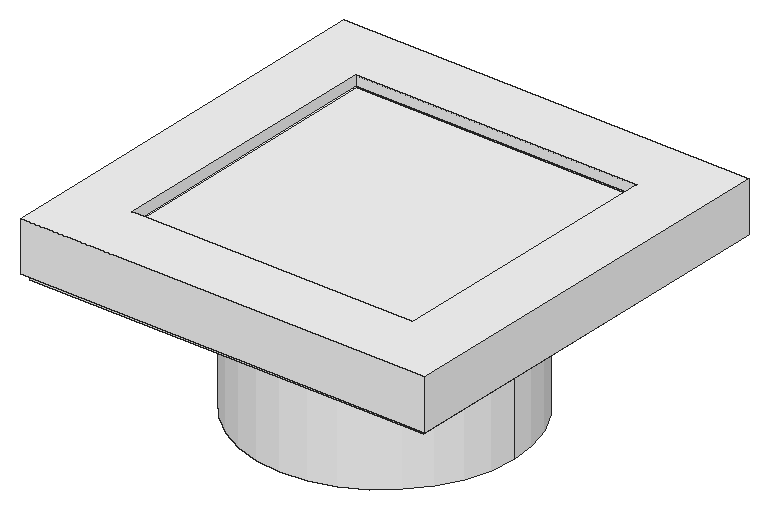
Revit family "Gira_291503", category Electrical Fixtures, host Face, Revit 2017
Family settings
  Host = Face
  Maintain Annotation Orientation = Yes
  Round Connector Dimension = Use Diameter
  Part Type = Normal
  Cut with Voids When Loaded = No
  Shared = No
  Room Calculation Point = No
Parameters (values of type "Dienstzimmereinheit Notrufset System 55 Reinweiß")
  Zusammenstellung = "Basiselement"
  White [instance] = White
  Werkstoffgüte = "sonstige"
  Werkstoff = "sonstige"
  URL = "http://katalog.gira.de/de_DE/datenblatt.html?artikelnr=291503"
  Tasterfunktion = "Ruf abstellen"
  Region = "DE"
  Name = "Dienstzimmereinheit Notrufset System 55 Reinweiß"
  Model = "Sys55_Komplettgerät_Schalten und Tasten"
  Manufacturer URL = "https://www.gira.de/"
  HeinzeBIM = "https://bimportal.heinze.de/bim/dienstzimmereinheit-notrufset-system-55-reinweiss/62e85b17f3b3388c3c81b14c9e3ac25c19514961"
  HAN = "291503"
  Geeignet für = "Ruf"
  GTIN = "4010337069720"
  Farbe = "weiß"
  Default Elevation = 1219.2 mm
  Data sheet (1) = "https://katalog.gira.de/de_DE/download.html?artikelnr=291503"
  Category = "Ruf-, Bedienervorrichtung Klinikinstallation"
  Busfähig = "2-Draht"
  Bedienung = "Taste"
  Bauart = "Wandgerät"
  Available = "Yes"
  Art der Spannungsversorgung = "Bus-System"
Reference planes
  plane 1 "Center (Front/Back)": y = 0
  plane 2: z = 0
  plane 3 "Center (Left/Right)": x = 0
Forms (mm)
  Extrusion 1, solid, material "White" <- "White", detail levels medium
    sketch origin (0, 0, 0) x (1, 0, 0) y (0, 1, 0)
      loop
        line (-40.4, 40.4) -> (-40.4, -40.4) -> (40.4, -40.4) -> (40.4, 40.4) -> (-40.4, 40.4)
      loop
        line (-28, 28) -> (-28, -28) -> (28, -28) -> (28, 28) -> (-28, 28)
    from 0 to 10
  Extrusion 2, solid, material "White" <- "White", detail levels fine
    sketch origin (0, 0, 0) x (1, 0, 0) y (0, 1, 0)
      loop
        line (-40.4, 40.4) -> (-40.4, -40.4) -> (40.4, -40.4) -> (40.4, 40.4) -> (-40.4, 40.4)
      loop
        line (-28, 28) -> (-28, -28) -> (28, -28) -> (28, 28) -> (-28, 28)
    from 0 to 10
  Extrusion 3, void
    sketch origin (0, 0, 0) x (1, 0, 0) y (0, 1, 0)
      loop
        line (-38.4, 38.4) -> (-38.4, -38.4) -> (38.4, -38.4) -> (38.4, 38.4) -> (-38.4, 38.4)
    from 0 to 8
  Extrusion 4, solid, material "White" <- "White", detail levels medium+fine
    sketch origin (0, 0, 0) x (1, 0, 0) y (0, 1, 0)
      loop
        line (-39.4, 39.4) -> (-39.4, -39.4) -> (39.4, -39.4) -> (39.4, 39.4) -> (-39.4, 39.4)
    from 0 to -1
  Extrusion 5, solid, material "White" <- "White", detail levels medium+fine
    sketch origin (0, 0, 0) x (1, 0, 0) y (0, 1, 0)
      loop
        line (-35.5, 35.5) -> (-35.5, -35.5) -> (35.5, -35.5) -> (35.5, 35.5) -> (-35.5, 35.5)
    from -2 to -3
  Extrusion 6, solid, material "White" <- "White", detail levels medium+fine
    sketch origin (0, 0, 0) x (1, 0, 0) y (0, 1, 0)
      loop
        circle (0, 0) r 26
    from 0 to -27.5
  Extrusion 7, solid, material "White" <- "White", detail levels coarse
    sketch origin (0, 0, 0) x (1, 0, 0) y (0, 1, 0)
      loop
        line (-40.4, 40.4) -> (-40.4, -40.4) -> (40.4, -40.4) -> (40.4, 40.4) -> (-40.4, 40.4)
    from -27.5 to 10
Cuts and joins
  Extrusion 3 cuts Extrusion 2
Dimensions and locks
  aligned and locked: plane 2 to host face
  aligned and locked: level to host face
  aligned and locked: plane 3 "Center (Left/Right)" to nested 2
  aligned and locked: plane 1 "Center (Front/Back)" to nested 2
Nested families
  nested 1: "Sys55_Abdeckung_Schalten und Tasten_floor_base" at (0, 0, 0), type "Sys55_Abdeckung_Schalten und Tasten_floor_base"
  nested 2: "Schalter" at (0, 0, 0), type "Schalter"
Connectors
  electrical at (0, 0, -27.5)
    settings: on Extrusion 6, index 1, voltage 220 V, apparent load 0 VA, apparent load phase1 0 VA, apparent load phase2 0 VA, apparent load phase3 0 VA, power factor 1, load classification "Other", number of poles 1, system type 30, power factor state 1, is connector primary yes, connector utility no, sub classification motor no, connector description ""
Definition of nested family "Sys55_Abdeckung_Schalten und Tasten_floor_base"
  Parameters
    Default Elevation = 1219.2 mm
    White [instance] = none
  Reference planes
    plane 1 "Center (Front/Back)": y = 0
    plane 2: z = 0
    plane 3 "Center (Left/Right)": x = 0
  Forms (mm)
    Extrusion 1, solid
      sketch origin (0, 0, 0) x (1, 0, 0) y (0, 1, 0)
        loop
          line (-1219.2, 1219.2) -> (-1219.2, -1219.2) -> (1219.2, -1219.2) -> (1219.2, 1219.2) -> (-1219.2, 1219.2)
      from 0 to -304.8
    Extrusion 2, solid, material <- "White", detail levels fine
      sketch origin (0, 0, 0) x (1, 0, 0) y (0, 1, 0)
        loop
          line (-27.5, 27.5) -> (-27.5, -27.5) -> (27.5, -27.5) -> (27.5, 27.5) -> (-27.5, 27.5)
      from 0 to 8
    Extrusion 3, void
      sketch origin (0, 0, 0) x (1, 0, 0) y (0, 1, 0)
        loop
          line (26, 26) -> (-26, 26) -> (-26, -26) -> (26, -26) -> (26, 26)
      from 0 to 6
    Extrusion 4, solid, material <- "White", detail levels medium
      sketch origin (0, 0, 0) x (1, 0, 0) y (0, 1, 0)
        loop
          line (-27.5, 27.5) -> (-27.5, -27.5) -> (27.5, -27.5) -> (27.5, 27.5) -> (-27.5, 27.5)
      from 0 to 8
    Extrusion 5, solid, material <- "White", detail levels medium
      sketch origin (0, 0, 0) x (1, 0, 0) y (0, 1, 0)
        loop
          line (11, -17.5) -> (11, 17.5) -> (-11, 17.5) -> (-11, -17.5) -> (11, -17.5)
      from -6 to 6
    Extrusion 6, solid, material <- "White", detail levels fine
      sketch origin (0, 0, 0) x (1, 0, 0) y (0, 1, 0)
        loop
          line (11, 17.5) -> (-11, 17.5) -> (-11, 16.5) -> (11, 16.5) -> (11, 17.5)
        loop
          line (-11, -16.5) -> (-11, -17.5) -> (11, -17.5) -> (11, -16.5) -> (-11, -16.5)
      from -4 to 6
    Extrusion 7, solid, material <- "White", detail levels fine
      sketch origin (0, 0, 0) x (1, 0, 0) y (0, 1, 0)
        loop
          arc (5, 9.347) -> (0, 10.6) -> (-5, 9.347) r 10.6
          line (-5, 9.347) -> (-5, -9.347)
          arc (-5, -9.347) -> (0, -10.6) -> (5, -9.347) r 10.6
          line (5, -9.347) -> (5, 9.347)
      from -6 to 6
    Extrusion 8, solid, material <- "White", detail levels coarse
      sketch origin (0, 0, 0) x (1, 0, 0) y (0, 1, 0)
        loop
          line (-27.5, 27.5) -> (-27.5, -27.5) -> (27.5, -27.5) -> (27.5, 27.5) -> (-27.5, 27.5)
      from -6 to 8
  Cuts and joins
    Extrusion 3 cuts Extrusion 2
  Dimensions and locks
    aligned and locked: plane 2 to Extrusion 1
    aligned and locked: level to Extrusion 1
Definition of nested family "Schalter"
  Reference planes
    plane 1: y = 0
    plane 2: x = 0
  Lines and regions (mm)
    detail lines
      curve 1: circle (1.375, 2.778, 0) r 0.8 normal (0, 0, 1)
      curve 2: line (1.021, 2.061, 0) -> (0, 0, 0)
      curve 3: line (0, 0, 0) -> (-0.538, 0.266, 0)
  Dimensions and locks
    curve 2 to curve 2 = 2.3 mm
    curve 3 to curve 2 = 0.6 mm
    radius of curve 1 = 0.8 mm
